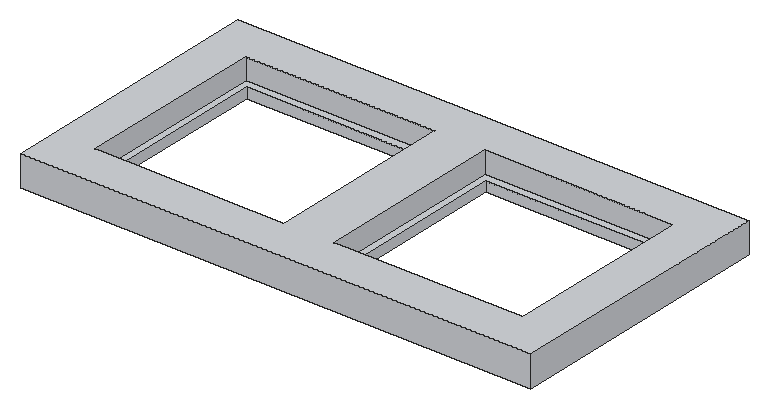
Revit family "Gira_021223", category Electrical Fixtures, host Face, Revit 2017
Family settings
  Host = Face
  Maintain Annotation Orientation = No
  Round Connector Dimension = Use Diameter
  Part Type = Normal
  Cut with Voids When Loaded = No
  Shared = No
  Room Calculation Point = No
Parameters (values of type "Cov.fr. 2-g Gira E2 anthra.")
  With mounting grid = "No"
  With hinged lid = "No"
  URL = "http://katalog.gira.de/en/datenblatt.html?artikelnr=021223"
  Type of fastening = "Clamp mounting"
  Transparent = "No"
  Surface protection = "Other"
  Suitable for wall duct = "No"
  Suitable for flush-mounted installation = "Yes"
  Suitable for floor box = "No"
  Suitable for built-in installation = "No"
  Number of units vertical = "2"
  Number of units horizontal = "2"
  Number of units = "2"
  Name = "Cov.fr. 2-g Gira E2 anthra."
  Mounting direction = "Horizontal and vertical"
  Material quality = "Thermoplastic"
  Material = "Plastic"
  Manufacturer URL = "https://www.gira.de/"
  Manufacturer = "Gira"
  Label space/information surface = "No"
  Keynote = ""
  HeinzeBIM = "https://bimportal.heinze.de/bim/cov-fr-2-g-gira-e2-anthra-/8e2c0a64ddb7097737cc1aeedbcee5fd4b5f5eac"
  Halogen free = "Yes"
  HAN = "021223"
  GTIN = "4010337212232"
  Description = "Cov.fr.2g E2 AN,Gira E2 cover frame,anthracite,2-gang,Features:,- Shatter-proof.,,Notes :,- Also suitable for duct installation.,- In connection with the seal kit, frame (1-gang to 5-gang) is also suitable for installation as water-protected flush-mounted IP44."
  Degree of protection (IP) = "IP20"
  Default Elevation = 1219.2 mm
  Data sheet (1) = "https://katalog.gira.de/en/download.html?artikelnr=021223"
  Colour = "Anthracite"
  Category = "Cover frame for domestic switching devices"
  BIM (1) = "https://media.stage.bim.site/public/gira/36a6b08/E2_Rahmen_2fach.rfa"
  Available = "No"
Reference planes
  plane 1 "Center (Front/Back)": y = 0
  plane 2: z = 0
  plane 3 "Center (Left/Right)": x = 0
Forms (mm)
  Extrusion 1, solid, detail levels fine
    sketch origin (0, 0, 0) x (1, 0, 0) y (0, 1, 0)
      loop
        line (75.95, 40.4) -> (-75.95, 40.4) -> (-75.95, -40.4) -> (75.95, -40.4) -> (75.95, 40.4)
      loop
        line (-63.702, 28.152) -> (-63.702, -28.152) -> (-7.398, -28.152) -> (-7.398, 28.152) -> (-63.702, 28.152)
      loop
        line (7.398, 28.152) -> (7.398, -28.152) -> (63.702, -28.152) -> (63.702, 28.152) -> (7.398, 28.152)
    from 0 to 9.3
  Extrusion 2, solid, detail levels fine
    sketch origin (-35.55, 0, 0) x (1, 0, 0) y (0, 1, 0)
      loop
        line (-28.152, -28.152) -> (28.152, -28.152) -> (28.152, 28.152) -> (-28.152, 28.152) -> (-28.152, -28.152)
      loop
        line (25.9, -25.7) -> (25.9, 25.7) -> (-25.9, 25.7) -> (-25.9, -25.7) -> (25.9, -25.7)
    from 0 to 3
  Extrusion 3, solid, detail levels coarse+medium
    sketch origin (0, 0, 0) x (1, 0, 0) y (0, 1, 0)
      loop
        line (75.95, 40.4) -> (-75.95, 40.4) -> (-75.95, -40.4) -> (75.95, -40.4) -> (75.95, 40.4)
    from 0 to 9.3
  Extrusion 4, solid, detail levels fine
    sketch origin (35.55, -0.047, 0) x (1, 0, 0) y (0, 1, 0)
      loop
        line (-28.152, -28.106) -> (28.152, -28.106) -> (28.152, 28.199) -> (-28.152, 28.199) -> (-28.152, -28.106)
      loop
        line (25.9, -25.653) -> (25.9, 25.747) -> (-25.9, 25.747) -> (-25.9, -25.653) -> (25.9, -25.653)
    from 0 to 3
Dimensions and locks
  aligned and locked: plane 2 to host face
  aligned and locked: level to host face
